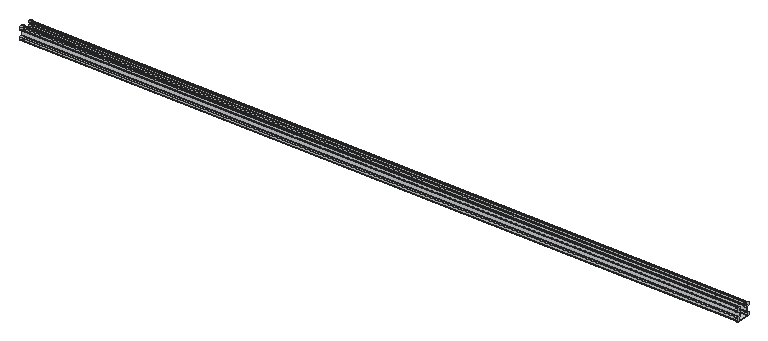
Revit family "Montageschiene 35- 35-1,0 fbv 2m Langloch 2D", category HLS-Bauteile, Revit 2023
Family settings
  Bemaßung runder Anschluss = Durchmesser verwenden
  Teiletyp = Normal
  Arbeitsebenenbasiert = Ja
  Immer vertikal = Nein
  Beim Laden mit Abzugskörper schneiden = Nein
  Beschriftungsausrichtung beibehalten = Nein
  Gemeinsam genutzt = Ja
  Raumberechnungspunkt = Nein
Parameters
  vpe = "12"
  Widerstandsmoment Wz = "1.26 cm³"
  Widerstandsmoment Wy = "1.04 cm³"
  Default Elevation = 1219.2 mm
  Trägheitsradius iz = "1.46 cm"
  Trägheitsradius iy = "1.34 cm"
  Torsionswiderstandsmoment Wt = " cm³"
  Stärke = 1 mm
  Streckgrenze = "250 N/mm²"
  Schwerpunktabstand ez = "1.75 cm"
  Schwerpunktabstand eu = "1.78 cm"
  Schwerpunktabstand eo = "1.72 cm"
  Schlitzbreite = "21 mm"
  Regelhalter [instance] = ""
  Profiltyp = "35/35"
  Profil = "C-Profil"
  Oberflaeche = "feuerbandverzinkt"
  Montagelänge [instance] = 2000 mm
  Mengeneinheit = "m"
  Materialname = "S250"
  Material = "Stahl"
  Länge = 2000 mm
  Lochdurchmesser 2 = 10.5 mm
  Lochdurchmesser 1 = 8.5 mm
  Lochdurchmesser = "8.5 mm"
  Langloch = "8.5 x 15.0 mm"
  Kurztext2 = "35 / 35 / 1 mm L= 2 m fbv"
  Kurztext1 = "Montageschiene C-Profil Stex "
  Höhe = "35 mm"
  Gewicht pro Stück [instance] = ((Gewicht * Montagelänge / (1000 mm * 1000 mm)) * 1000 mm)  # 2.06 kg
  Gewicht pro Bauteil [instance] = Gewicht pro Stück  # 2.06 kg
  Gewicht = 1.03 kg
  Gesamtlänge [instance] = Montagelänge  # 2000 mm
  Gesamtgewicht [instance] = Gewicht pro Bauteil  # 2.06 kg
  Fläche (schwächster Profilquerschnitt) = 0.000103 m²
  Firma = "MEFA Befestigungs- und Montagesysteme GmbH"
  Fabrikat = "MEFA"
  Erweiterung Langloch = " mm"
  EAN = "4250928424433"
  Bund = "252 m"
  Breite = 35 mm
  Artikelnummer = "1273538"
  Anzahl Langloch [instance] = Montagelänge / 75 mm  # 27
  Abmessung = "35/35/1.0 mm"
Reference planes
  plane 1 "Mitte (Vorne/hinten)": y = 0
  plane 2: z = 0
  plane 3 "Mitte (Links/rechts)": x = 0
  plane 4: x = 2000
Forms (mm)
  Extrusion 1, solid, detail levels fine
    sketch origin (0, 0, 0) x (0, 1, 0) y (0, 0, 1)
      loop
        arc (11.7, 35) -> (10.7, 34) -> (11.7, 33) r 1
        line (11.7, 33) -> (15.2, 33) -> (15.2, 34) -> (16.5, 34) -> (16.5, 25.6)
        arc (16.5, 25.6) -> (16.354, 25.246) -> (16, 25.1) r 0.5
        line (16, 25.1) -> (13.924, 25.1)
        arc (13.924, 25.1) -> (12.846, 24.654) -> (12.4, 23.576) r 1.524
        line (12.4, 23.576) -> (12.4, 11.376)
        arc (12.4, 11.376) -> (12.832, 10.332) -> (13.876, 9.9) r 1.476
        line (13.876, 9.9) -> (16, 9.9)
        arc (16, 9.9) -> (16.354, 9.754) -> (16.5, 9.4) r 0.5
        line (16.5, 9.4) -> (16.5, 1.5)
        arc (16.5, 1.5) -> (16.354, 1.146) -> (16, 1) r 0.5
        line (16, 1) -> (-16, 1)
        arc (-16, 1) -> (-16.354, 1.146) -> (-16.5, 1.5) r 0.5
        line (-16.5, 1.5) -> (-16.5, 9.4)
        arc (-16.5, 9.4) -> (-16.354, 9.754) -> (-16, 9.9) r 0.5
        line (-16, 9.9) -> (-13.876, 9.9)
        arc (-13.876, 9.9) -> (-12.832, 10.332) -> (-12.4, 11.376) r 1.476
        line (-12.4, 11.376) -> (-12.4, 23.576)
        arc (-12.4, 23.576) -> (-12.846, 24.654) -> (-13.924, 25.1) r 1.524
        line (-13.924, 25.1) -> (-16, 25.1)
        arc (-16, 25.1) -> (-16.354, 25.246) -> (-16.5, 25.6) r 0.5
        line (-16.5, 25.6) -> (-16.5, 34) -> (-15.2, 34) -> (-15.2, 33) -> (-11.7, 33)
        arc (-11.7, 33) -> (-10.7, 34) -> (-11.7, 35) r 1
        line (-11.7, 35) -> (-15.993, 35)
        arc (-15.993, 35) -> (-17.059, 34.559) -> (-17.5, 33.493) r 1.507
        line (-17.5, 33.493) -> (-17.5, 25.582)
        arc (-17.5, 25.582) -> (-17.066, 24.534) -> (-16.018, 24.1) r 1.482
        line (-16.018, 24.1) -> (-13.9, 24.1)
        arc (-13.9, 24.1) -> (-13.546, 23.954) -> (-13.4, 23.6) r 0.5
        line (-13.4, 23.6) -> (-13.4, 11.4)
        arc (-13.4, 11.4) -> (-13.546, 11.046) -> (-13.9, 10.9) r 0.5
        line (-13.9, 10.9) -> (-15.991, 10.9)
        arc (-15.991, 10.9) -> (-17.058, 10.458) -> (-17.5, 9.391) r 1.509
        line (-17.5, 9.391) -> (-17.5, 1.521)
        arc (-17.5, 1.521) -> (-17.055, 0.445) -> (-15.979, 0) r 1.521
        line (-15.979, 0) -> (15.979, 0)
        arc (15.979, 0) -> (17.055, 0.445) -> (17.5, 1.521) r 1.521
        line (17.5, 1.521) -> (17.5, 9.391)
        arc (17.5, 9.391) -> (17.058, 10.458) -> (15.991, 10.9) r 1.509
        line (15.991, 10.9) -> (13.9, 10.9)
        arc (13.9, 10.9) -> (13.546, 11.046) -> (13.4, 11.4) r 0.5
        line (13.4, 11.4) -> (13.4, 23.6)
        arc (13.4, 23.6) -> (13.546, 23.954) -> (13.9, 24.1) r 0.5
        line (13.9, 24.1) -> (16.018, 24.1)
        arc (16.018, 24.1) -> (17.066, 24.534) -> (17.5, 25.582) r 1.482
        line (17.5, 25.582) -> (17.5, 33.493)
        arc (17.5, 33.493) -> (17.059, 34.559) -> (15.993, 35) r 1.507
        line (15.993, 35) -> (11.7, 35)
    from 0 to 2000
  Extrusion 2, solid, detail levels medium
    sketch origin (0, 0, 0) x (0, 1, 0) y (0, 0, 1)
      loop
        line (10.7, 35) -> (10.7, 33) -> (16.5, 33) -> (16.5, 1) -> (-16.5, 1) -> (-16.5, 33) -> (-10.7, 33) -> (-10.7, 35) -> (-17.5, 35) -> (-17.5, 0) -> (17.5, 0) -> (17.5, 35) -> (10.7, 35)
    from 0 to 2000
  Extrusion 3, solid, detail levels coarse
    sketch origin (0, 0, 0) x (0, 1, 0) y (0, 0, 1)
      loop
        line (-17.5, 35) -> (-17.5, 0) -> (17.5, 0) -> (17.5, 35) -> (-17.5, 35)
    from 0 to 2000
Dimensions and locks
  "Montagelänge": plane 4 to plane 3 "Mitte (Links/rechts)"
  equal spacing: group 1, group 2, group 3, group 4, group 5, group 6, group 7, group 8, group 9, group 10, group 11, group 12, group 13, group 14, group 15, group 16, group 17, group 18, group 19, group 20, group 21, group 22, group 23, group 24, group 25, group 26, group 27  (x3)
  aligned and locked: level to plane 2
  aligned and locked: plane 4 to Extrusion 1
  aligned and locked: plane 4 to Extrusion 3
  aligned and locked: plane 4 to Extrusion 2
  aligned and locked: nested 1 to plane 1 "Mitte (Vorne/hinten)"
Automatic sketch dimensions
  Extrusion 1 sketch curve to level = 0 mm
  plane 1 "Mitte (Vorne/hinten)" to Extrusion 1 sketch curve = 17.5 mm  (x2)
  level to Extrusion 1 sketch curve = 1.521 mm  (x2)
  Extrusion 1 sketch curve to Extrusion 1 sketch curve = 1 mm  (x5)
  Extrusion 1 sketch curve to Extrusion 1 sketch curve = 0.482 mm
  Extrusion 1 sketch curve to Extrusion 1 sketch curve = 0.021 mm  (x2)
  Extrusion 1 sketch curve to Extrusion 1 sketch curve = 0.5 mm  (x3)
  Extrusion 1 sketch curve to Extrusion 1 sketch curve = 0.018 mm  (x2)
  Extrusion 1 sketch curve to Extrusion 1 sketch curve = 0.507 mm  (x4)
  Extrusion 1 sketch curve to Extrusion 1 sketch curve = 0.009 mm  (x4)
  Extrusion 1 sketch curve to Extrusion 1 sketch curve = 0.793 mm  (x2)
  Extrusion 1 sketch curve to Extrusion 1 sketch curve = 2.095 mm
  Extrusion 1 sketch curve to Extrusion 1 sketch curve = 2.091 mm
  Extrusion 1 sketch curve to Extrusion 1 sketch curve = 0.024 mm  (x6)
  Extrusion 1 sketch curve to Extrusion 1 sketch curve = 0.476 mm  (x2)
  Extrusion 1 sketch curve to Extrusion 1 sketch curve = 3.5 mm  (x2)
  Extrusion 1 sketch curve to plane 1 "Mitte (Vorne/hinten)" = 11.7 mm
  Extrusion 1 sketch curve to Extrusion 1 sketch curve = 0.7 mm
  Extrusion 1 sketch curve to Extrusion 1 sketch curve = 2.103 mm
  Extrusion 1 sketch curve to Extrusion 1 sketch curve = 1.509 mm
  Extrusion 1 sketch curve to Extrusion 1 sketch curve = 2.076 mm
  Extrusion 1 sketch curve to Extrusion 1 sketch curve = 0.521 mm
  Extrusion 1 sketch curve to Extrusion 1 sketch curve = 7.87 mm  (x2)
  Extrusion 1 sketch curve to Extrusion 1 sketch curve = 12.176 mm  (x2)
  Extrusion 1 sketch curve to Extrusion 1 sketch curve = 7.4 mm  (x2)
  Extrusion 1 sketch curve to Extrusion 1 sketch curve = 0.493 mm  (x2)
  Extrusion 1 sketch curve to Extrusion 1 sketch curve = 0 mm
  Extrusion 2 sketch curve to level = 0 mm
  Extrusion 2 sketch curve to plane 1 "Mitte (Vorne/hinten)" = 10.7 mm
  Extrusion 2 sketch curve to Extrusion 2 sketch curve = 5.8 mm
  Extrusion 2 sketch curve to Extrusion 2 sketch curve = 1 mm  (x3)
  Extrusion 2 sketch curve to Extrusion 2 sketch curve = 2 mm  (x2)
  Extrusion 2 sketch curve to Extrusion 2 sketch curve = 6.8 mm
  Extrusion 2 sketch curve to Extrusion 2 sketch curve = 32 mm
  Extrusion 2 sketch curve to Extrusion 2 sketch curve = 0 mm
  plane 1 "Mitte (Vorne/hinten)" to Extrusion 2 sketch curve = 16.5 mm
  Extrusion 3 sketch curve to level = 0 mm
  plane 1 "Mitte (Vorne/hinten)" to Extrusion 3 sketch curve = 17.5 mm
  Extrusion 3 sketch curve to plane 1 "Mitte (Vorne/hinten)" = 17.5 mm
  Extrusion 3 sketch curve to Extrusion 3 sketch curve = 35 mm
Nested families
  nested 1: "Lochung Stex 35 2D" at (37.5, 0, 0) x (1, 0, 0) z (0, 0, -1), type "Lochung Stex 35 2D", detail levels fine
  nested 2: "Lochung Stex 35 2D" at (112.5, 0, 0) x (1, 0, 0) z (0, 0, -1), type "Lochung Stex 35 2D", detail levels fine
  nested 3: "Lochung Stex 35 2D" at (187.5, 0, 0) x (1, 0, 0) z (0, 0, -1), type "Lochung Stex 35 2D", detail levels fine
  nested 4: "Lochung Stex 35 2D" at (262.5, 0, 0) x (1, 0, 0) z (0, 0, -1), type "Lochung Stex 35 2D", detail levels fine
  nested 5: "Lochung Stex 35 2D" at (337.5, 0, 0) x (1, 0, 0) z (0, 0, -1), type "Lochung Stex 35 2D", detail levels fine
  nested 6: "Lochung Stex 35 2D" at (412.5, 0, 0) x (1, 0, 0) z (0, 0, -1), type "Lochung Stex 35 2D", detail levels fine
  nested 7: "Lochung Stex 35 2D" at (487.5, 0, 0) x (1, 0, 0) z (0, 0, -1), type "Lochung Stex 35 2D", detail levels fine
  nested 8: "Lochung Stex 35 2D" at (562.5, 0, 0) x (1, 0, 0) z (0, 0, -1), type "Lochung Stex 35 2D", detail levels fine
  nested 9: "Lochung Stex 35 2D" at (637.5, 0, 0) x (1, 0, 0) z (0, 0, -1), type "Lochung Stex 35 2D", detail levels fine
  nested 10: "Lochung Stex 35 2D" at (712.5, 0, 0) x (1, 0, 0) z (0, 0, -1), type "Lochung Stex 35 2D", detail levels fine
  nested 11: "Lochung Stex 35 2D" at (787.5, 0, 0) x (1, 0, 0) z (0, 0, -1), type "Lochung Stex 35 2D", detail levels fine
  nested 12: "Lochung Stex 35 2D" at (862.5, 0, 0) x (1, 0, 0) z (0, 0, -1), type "Lochung Stex 35 2D", detail levels fine
  nested 13: "Lochung Stex 35 2D" at (937.5, 0, 0) x (1, 0, 0) z (0, 0, -1), type "Lochung Stex 35 2D", detail levels fine
  nested 14: "Lochung Stex 35 2D" at (1012.5, 0, 0) x (1, 0, 0) z (0, 0, -1), type "Lochung Stex 35 2D", detail levels fine
  nested 15: "Lochung Stex 35 2D" at (1087.5, 0, 0) x (1, 0, 0) z (0, 0, -1), type "Lochung Stex 35 2D", detail levels fine
  nested 16: "Lochung Stex 35 2D" at (1162.5, 0, 0) x (1, 0, 0) z (0, 0, -1), type "Lochung Stex 35 2D", detail levels fine
  nested 17: "Lochung Stex 35 2D" at (1237.5, 0, 0) x (1, 0, 0) z (0, 0, -1), type "Lochung Stex 35 2D", detail levels fine
  nested 18: "Lochung Stex 35 2D" at (1312.5, 0, 0) x (1, 0, 0) z (0, 0, -1), type "Lochung Stex 35 2D", detail levels fine
  nested 19: "Lochung Stex 35 2D" at (1387.5, 0, 0) x (1, 0, 0) z (0, 0, -1), type "Lochung Stex 35 2D", detail levels fine
  nested 20: "Lochung Stex 35 2D" at (1462.5, 0, 0) x (1, 0, 0) z (0, 0, -1), type "Lochung Stex 35 2D", detail levels fine
  nested 21: "Lochung Stex 35 2D" at (1537.5, 0, 0) x (1, 0, 0) z (0, 0, -1), type "Lochung Stex 35 2D", detail levels fine
  nested 22: "Lochung Stex 35 2D" at (1612.5, 0, 0) x (1, 0, 0) z (0, 0, -1), type "Lochung Stex 35 2D", detail levels fine
  nested 23: "Lochung Stex 35 2D" at (1687.5, 0, 0) x (1, 0, 0) z (0, 0, -1), type "Lochung Stex 35 2D", detail levels fine
  nested 24: "Lochung Stex 35 2D" at (1762.5, 0, 0) x (1, 0, 0) z (0, 0, -1), type "Lochung Stex 35 2D", detail levels fine
  nested 25: "Lochung Stex 35 2D" at (1837.5, 0, 0) x (1, 0, 0) z (0, 0, -1), type "Lochung Stex 35 2D", detail levels fine
  nested 26: "Lochung Stex 35 2D" at (1912.5, 0, 0) x (1, 0, 0) z (0, 0, -1), type "Lochung Stex 35 2D", detail levels fine
  nested 27: "Lochung Stex 35 2D" at (1987.5, 0, 0) x (1, 0, 0) z (0, 0, -1), type "Lochung Stex 35 2D", detail levels fine
Definition of nested family "Lochung Stex 35 2D"
  Parameters (values of type "Lochung Stex 35 2D")
    Default Elevation = 1219.2 mm
  Reference planes
    plane 1 "Mitte (Vorne/hinten)": y = 0
    plane 2: z = 0
    plane 3 "Mitte (Links/rechts)": x = 0
  Forms (mm)
    Extrusion 1, solid
      sketch origin (0, 0, 0) x (1, 0, 0) y (0, 1, 0)
        loop
          line (-1219.2, 1219.2) -> (-1219.2, -1219.2) -> (1219.2, -1219.2) -> (1219.2, 1219.2) -> (-1219.2, 1219.2)
      from 0 to -304.8
  Lines and regions (mm)
    model lines, detail levels fine
      curve 1: line (-37.5, 0, 0) -> (37.5, 0, 0)
      curve 2: line (0, 5, 0) -> (0, -5, 0)
      curve 3: line (0, 0, 10) -> (0, 0, -10)
      curve 10: line (-25, 5, 0) -> (-25, -5, 0)
    model lines
      curve 4: circle (-25, 0, 0) r 4.25 normal (0, 0, 1)
      curve 5: circle (25, 0, 0) r 5.25 normal (0, 0, 1)
      curve 6: arc (-3.25, 4.25, 0) -> (-7.5, 0, 0) -> (-3.25, -4.25, 0) r 4.25
      curve 7: line (-3.25, 4.25, 0) -> (3.25, 4.25, 0)
      curve 8: line (3.25, -4.25, 0) -> (-3.25, -4.25, 0)
      curve 9: arc (3.25, 4.25, 0) -> (7.5, 0, 0) -> (3.25, -4.25, 0) r 4.25
      curve 11: line (25, 6.25, 0) -> (25, -6.25, 0)
  Dimensions and locks
    aligned and locked: plane 2 to Extrusion 1
    aligned and locked: level to Extrusion 1
